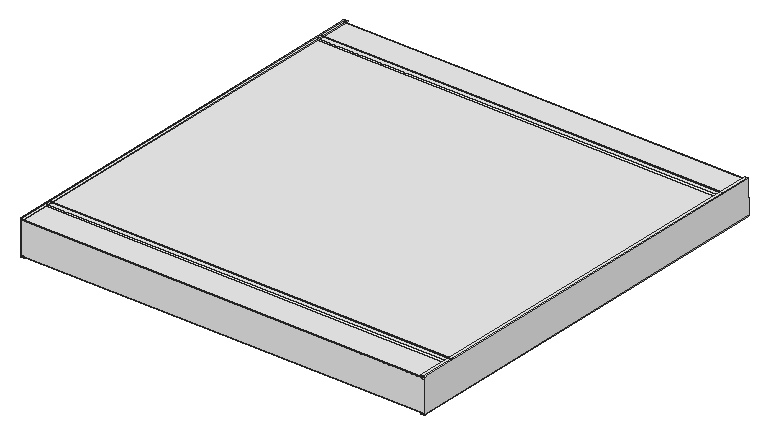
Revit family "STRT4X4-C129", category Lighting Fixtures, host Ceiling, Revit 2023
Family settings
  Host = Ceiling
  Round Connector Dimension = Use Diameter
  Part Type = Normal
  OmniClass Number = 23.80.70.11.14.17
  OmniClass Title = Direct/Indirect
  Always vertical = Yes
  Cut with Voids When Loaded = No
  Light Source = Yes
  Maintain Annotation Orientation = No
  Shared = No
  Room Calculation Point = No
Parameters (values of type "STRT4X4-LED840K160LUNV-C129")
  Width = 3' - 11 3/4"
  Wattage = 122.553 W
  built-in parameter 1150110 = 1 (stored number, unit not read)
  Voltage = 120 V  # constant formula
  URL = "https://viscor.com/products/stratis4x4"
  built-in parameter 1114217 = 0.9 (stored number, unit not read)
  Tilt Angle = 90.00°
  built-in parameter 1150109 = 1 (stored number, unit not read)
  built-in parameter 1150134 = 12
  built-in parameter 1150113 = 1 (stored number, unit not read)
  Photometric Web File = "STRT4X4-LED840K160LUNV-C129.ies"
  Model = "STRT4X4-C129"  # constant formula
  Manufacturer = "VISIONEERING by VISCOR"  # constant formula
  Lumens = 16079 lm
  built-in parameter 1150115 = 1 (stored number, unit not read)
  built-in parameter 1150105 = 1279.5 (stored number, unit not read)
  built-in parameter 1150137 = (empty or 0)
  built-in parameter 1150139 = (empty or 0)
  Lens Finish = Polycarbonate - Viscor - Frosted Round
  Length = 3' - 11 3/4"
  Lamp Wattage = 122.6 VA
  built-in parameter 1150112 = 1 (stored number, unit not read)
  built-in parameter 1150114 = 1 (stored number, unit not read)
  Lamp = "LED"  # constant formula
  built-in parameter 1150132 = (empty or 0)
  built-in parameter 1150102 = (empty or 0)
  built-in parameter 1150138 = (empty or 0)
  built-in parameter 1150107 = 4000 (stored number, unit not read)
  built-in parameter 1150106 = 12.795 (stored number, unit not read)
  Housing Finish = Metal - Viscor - White
  Height = 0' - 4"
  Emit from Rectangle Width = Width  # 3' - 11 3/4"
  Emit from Rectangle Length = Length  # 3' - 11 3/4"
  Emit Shape Visible in Rendering = no
  built-in parameter 1150104 = 12.189 (stored number, unit not read)
  Dimming Lamp Color Temperature Shift = <None>
  Description = "LED Fully Illuminated Backlit Premium Luminaire"  # constant formula
  Default Elevation = 0' - 0"
  Color Filter = 16777215
  built-in parameter 1114218 = 1 (stored number, unit not read)
  built-in parameter 1150133 = 10 (stored number, unit not read)
  Assembly Code = "D5020200"
  Apparent Load = Lamp Wattage  # 122.6 VA
Types (6): name | Wattage | URL | Photometric Web File | Lumens | built-in parameter 1150105 | Lamp Wattage | built-in parameter 1150106 | built-in parameter 1150104 | Apparent Load
  (no name) | 122.553 W | "https://viscor.com/products/stratis4x4" | "STRT4X4-LED840K160LUNV-C129.ies" | 16079 lm | 1279.5 (stored number, unit not read) | 122.6 VA | 12.795 (stored number, unit not read) | 12.189 (stored number, unit not read) | 122.6 VA
  STRT4X4-LED840K080LUNV-C129 | 59.2347 W | "https://viscor.com/products/str" | "STRT4X4-LED840K080LUNV-C129.ies" | 8050 lm | 640.6 (stored number, unit not read) | 59.2 VA | 6.406 (stored number, unit not read) | 12.626 (stored number, unit not read) | 59.2 VA
  STRT4X4-LED840K100LUNV-C129 | 74.484 W | "https://viscor.com/products/str" | "STRT4X4-LED840K100LUNV-C129.ies" | 10033 lm | 798.4 (stored number, unit not read) | 74.5 VA | 7.984 (stored number, unit not read) | 12.514 (stored number, unit not read) | 74.5 VA
  STRT4X4-LED840K120LUNV-C129 | 89.9 W | "https://viscor.com/products/str" | "STRT4X4-LED840K120LUNV-C129.ies" | 12001.7 lm | 955.06 (stored number, unit not read) | 89.9 VA | 9.5506 (stored number, unit not read) | 12.403 (stored number, unit not read) | 89.9 VA
  STRT4X4-LED840K140LUNV-C129 | 106.4 W | "https://viscor.com/products/str" | "STRT4X4-LED840K140LUNV-C129.ies" | 14076.7 lm | 1120.2 (stored number, unit not read) | 106.4 VA | 11.202 (stored number, unit not read) | 12.291 (stored number, unit not read) | 106.4 VA
  STRT4X4-LED840K160LUNV-C129 | 122.553 W | "https://viscor.com/products/stratis4x4" | "STRT4X4-LED840K160LUNV-C129.ies" | 16079 lm | 1279.5 (stored number, unit not read) | 122.6 VA | 12.795 (stored number, unit not read) | 12.189 (stored number, unit not read) | 122.6 VA
Reference planes (in)
  plane 1 "Light Source Axis (F/B)": y = 0
  plane 2 "Ceiling": z = 96
  plane 3 "Light Source Axis (L/R)": x = 0
  plane 4 "Light Source Elevation": z = 92
  plane 5: y = 23.875
  plane 6: y = -23.875
  plane 7: x = -23.875
  plane 8: x = 23.875
  plane 9: y = 23.438
  plane 10: y = -23.438
  plane 11: x = -23.84375
  plane 12: x = 23.84375
  plane 13: x = -23.438
  plane 14: x = 23.43775
  plane 15 "DoorFrameBottom": z = 92
  plane 16: x = -22
  plane 17: y = 22
  plane 18: x = 22
  plane 19: y = -22
Forms (in)
  Extrusion 1, solid, material "Metal - Viscor - White" <- "Housing Finish"
    sketch origin (0, 0, 0) x (0, 1, 0) y (0, 0, 1)
      loop
        arc (23.806, 92) -> (23.85479, 92.02021) -> (23.875, 92.069) r 0.069
        line (23.875, 92.069) -> (23.875, 95.806)
        arc (23.875, 95.806) -> (23.85479, 95.85479) -> (23.806, 95.875) r 0.069
        line (23.806, 95.875) -> (20.44993, 95.875) -> (20.34426, 95.98067)
        arc (20.34426, 95.98067) -> (20.32285, 95.99498) -> (20.29759, 96) r 0.066
        line (20.29759, 96) -> (19.70241, 96)
        arc (19.70241, 96) -> (19.67715, 95.99498) -> (19.65574, 95.98067) r 0.066
        line (19.65574, 95.98067) -> (19.55007, 95.875) -> (-19.55007, 95.875) -> (-19.65574, 95.98067)
        arc (-19.65574, 95.98067) -> (-19.67715, 95.99498) -> (-19.70241, 96) r 0.066
        line (-19.70241, 96) -> (-20.29759, 96)
        arc (-20.29759, 96) -> (-20.32285, 95.99498) -> (-20.34426, 95.98067) r 0.066
        line (-20.34426, 95.98067) -> (-20.44993, 95.875) -> (-23.806, 95.875)
        arc (-23.806, 95.875) -> (-23.85479, 95.85479) -> (-23.875, 95.806) r 0.069
        line (-23.875, 95.806) -> (-23.875, 92.069)
        arc (-23.875, 92.069) -> (-23.85479, 92.02021) -> (-23.806, 92) r 0.069
        line (-23.806, 92) -> (-23.506, 92)
        arc (-23.506, 92) -> (-23.45721, 92.02021) -> (-23.437, 92.069) r 0.069
        line (-23.437, 92.069) -> (-23.437, 92.741)
        arc (-23.437, 92.741) -> (-23.42558, 92.76858) -> (-23.398, 92.78) r 0.039
        line (-23.398, 92.78) -> (-22.851, 92.78) -> (-22.851, 92.81125) -> (-23.398, 92.81125)
        arc (-23.398, 92.81125) -> (-23.44767, 92.79067) -> (-23.46825, 92.741) r 0.07025
        line (-23.46825, 92.741) -> (-23.46825, 92.069)
        arc (-23.46825, 92.069) -> (-23.47931, 92.04231) -> (-23.506, 92.03125) r 0.03775
        line (-23.506, 92.03125) -> (-23.806, 92.03125)
        arc (-23.806, 92.03125) -> (-23.83269, 92.04231) -> (-23.84375, 92.069) r 0.03775
        line (-23.84375, 92.069) -> (-23.84375, 95.806)
        arc (-23.84375, 95.806) -> (-23.83269, 95.83269) -> (-23.806, 95.84375) r 0.03775
        line (-23.806, 95.84375) -> (-20.43698, 95.84375) -> (-20.31198, 95.96875) -> (-19.68802, 95.96875) -> (-19.56302, 95.84375) -> (19.56302, 95.84375) -> (19.68802, 95.96875) -> (20.31198, 95.96875) -> (20.43698, 95.84375) -> (23.806, 95.84375)
        arc (23.806, 95.84375) -> (23.83269, 95.83269) -> (23.84375, 95.806) r 0.03775
        line (23.84375, 95.806) -> (23.84375, 92.069)
        arc (23.84375, 92.069) -> (23.83269, 92.04231) -> (23.806, 92.03125) r 0.03775
        line (23.806, 92.03125) -> (23.506, 92.03125)
        arc (23.506, 92.03125) -> (23.47931, 92.04231) -> (23.46825, 92.069) r 0.03775
        line (23.46825, 92.069) -> (23.46825, 92.741)
        arc (23.46825, 92.741) -> (23.44767, 92.79067) -> (23.398, 92.81125) r 0.07025
        line (23.398, 92.81125) -> (22.85101, 92.81125) -> (22.85101, 92.78) -> (23.398, 92.78)
        arc (23.398, 92.78) -> (23.42558, 92.76858) -> (23.437, 92.741) r 0.039
        line (23.437, 92.741) -> (23.437, 92.069)
        arc (23.437, 92.069) -> (23.45721, 92.02021) -> (23.506, 92) r 0.069
        line (23.506, 92) -> (23.806, 92)
    from -23.84375 to 23.84375
  Extrusion 2, solid, material "Metal - Viscor - White" <- "Housing Finish"
    sketch origin (0, 0, 0) x (1, 0, 0) y (0, 0, 1)
      loop
        arc (-23.84375, 95.96875) -> (-23.8346, 95.99085) -> (-23.8125, 96) r 0.03125
        line (-23.8125, 96) -> (-23.438, 96) -> (-23.438, 96.03125) -> (-23.8125, 96.03125)
        arc (-23.8125, 96.03125) -> (-23.85669, 96.01294) -> (-23.875, 95.96875) r 0.0625
        line (-23.875, 95.96875) -> (-23.875, 92.03125)
        arc (-23.875, 92.03125) -> (-23.85669, 91.98706) -> (-23.8125, 91.96875) r 0.0625
        line (-23.8125, 91.96875) -> (-23.438, 91.96875) -> (-23.438, 92) -> (-23.8125, 92)
        arc (-23.8125, 92) -> (-23.8346, 92.00915) -> (-23.84375, 92.03125) r 0.03125
        line (-23.84375, 92.03125) -> (-23.84375, 95.96875)
    from -23.875 to 23.875
  Extrusion 3, solid, material "Metal - Viscor - White" <- "Housing Finish"
    sketch origin (0, 0, 0) x (-1, 0, 0) y (0, 0, -1)
      loop
        line (-23.84375, -95.96875) -> (-23.84375, -92.03125)
        arc (-23.84375, -92.03125) -> (-23.8346, -92.00915) -> (-23.8125, -92) r 0.03125
        line (-23.8125, -92) -> (-23.438, -92) -> (-23.438, -91.96875) -> (-23.8125, -91.96875)
        arc (-23.8125, -91.96875) -> (-23.85669, -91.98706) -> (-23.875, -92.03125) r 0.0625
        line (-23.875, -92.03125) -> (-23.875, -95.96875)
        arc (-23.875, -95.96875) -> (-23.85669, -96.01294) -> (-23.8125, -96.03125) r 0.0625
        line (-23.8125, -96.03125) -> (-23.438, -96.03125) -> (-23.438, -96) -> (-23.8125, -96)
        arc (-23.8125, -96) -> (-23.8346, -95.99085) -> (-23.84375, -95.96875) r 0.03125
    from -23.875 to 23.875
  Extrusion 4, solid, material "Metal - Viscor - White" <- "Housing Finish"
    sketch origin (0, 0, 92) x (0, 1, 0) y (-1, 0, 0)
      loop
        line (-23.38722, 23.38722) -> (-23.38722, -23.38722) -> (23.38722, -23.38722) -> (23.38722, 23.38722) -> (-23.38722, 23.38722)
      loop
        line (-22, 18) -> (-22, -18)
        arc (-22, -18) -> (-20.82843, -20.82843) -> (-18, -22) r 4
        line (-18, -22) -> (18, -22)
        arc (18, -22) -> (20.82843, -20.82843) -> (22, -18) r 4
        line (22, -18) -> (22, 18)
        arc (22, 18) -> (20.82843, 20.82843) -> (18, 22) r 4
        line (18, 22) -> (-18, 22)
        arc (-18, 22) -> (-20.82843, 20.82843) -> (-22, 18) r 4
    from 0 to 1.70939
  Extrusion 5, solid, material "Polycarbonate - Viscor - Frosted Round" <- "Lens Finish"
    sketch origin (0, 0, 0.78125) x (0, 1, 0) y (0, 0, 1)
      loop
        line (23.25, 92.046) -> (23.25, 92.141) -> (-23.19444, 92.141) -> (-23.19444, 92.046) -> (23.25, 92.046)
    from -23.438 to 23.43775
Dimensions and locks (in)
  equal spacing: host sketch curve, plane 3 "Light Source Axis (L/R)", host sketch curve
  equal spacing: host sketch curve, plane 1 "Light Source Axis (F/B)", host sketch curve
  host sketch curve to host sketch curve = 10' - 0"  (x2)
  equal spacing: plane 7, plane 3 "Light Source Axis (L/R)", plane 8
  equal spacing: plane 5, plane 1 "Light Source Axis (F/B)", plane 6
  plane 9 to plane 5 = 0' - 0.437"
  locked: plane 12 to plane 8 at 0.03125
  locked: plane 13 to plane 7 at 0.437
  locked: plane 14 to plane 12 at 0.406
  "Length": plane 7 to plane 8
  "Width": plane 5 to plane 6
  plane 7 to plane 11 to plane 13 = 0' - 0 1/32", 0' - 0.40575"
  plane 6 to plane 10 to plane 1 "Light Source Axis (F/B)" = 0' - 0.437" locked, 1' - 11.438"
  "Height": plane 2 "Ceiling" to plane 15 "DoorFrameBottom"
  aligned and locked: plane 3 "Light Source Axis (L/R)" to imposter light
  aligned and locked: plane 1 "Light Source Axis (F/B)" to imposter light
  aligned and locked: plane 4 "Light Source Elevation" to imposter light
  aligned and locked: Extrusion 1 to plane 11
  aligned and locked: Extrusion 1 to plane 12
  aligned and locked: Extrusion 2 to plane 6
  aligned and locked: plane 5 to Extrusion 2
  aligned and locked: Extrusion 3 to plane 6
  aligned and locked: plane 5 to Extrusion 3
  aligned and locked: Extrusion 5 to plane 13
  aligned and locked: Extrusion 5 to plane 14
  aligned and locked: plane 16 to Extrusion 4
  aligned and locked: Extrusion 4 to plane 17
  aligned and locked: Extrusion 4 to plane 18
  aligned and locked: plane 19 to Extrusion 4
Automatic sketch dimensions
  Extrusion 1 sketch curve to Extrusion 1 sketch curve = 0' - 0"  (x16)
  Extrusion 1 sketch curve to plane 6 = 0' - 0"
  Extrusion 1 sketch curve to plane 15 "DoorFrameBottom" = 0' - 0"  (x2)
  Extrusion 1 sketch curve to plane 2 "Ceiling" = 0' - 0"  (x2)
  Extrusion 1 sketch curve to plane 5 = 0' - 0"
  Extrusion 1 sketch curve to Extrusion 1 sketch curve = 0' - 0 1/32"
  plane 6 to Extrusion 1 sketch curve = 0' - 0.069"
  Extrusion 1 sketch curve to Extrusion 1 sketch curve = 0' - 0.03775"  (x3)
  Extrusion 1 sketch curve to plane 10 = 0' - 0.068"
  Extrusion 1 sketch curve to plane 10 = 0' - 0.03025"
  Extrusion 1 sketch curve to Extrusion 1 sketch curve = 0' - 0.039"
  Extrusion 1 sketch curve to Extrusion 1 sketch curve = 0' - 0.54699"
  Extrusion 1 sketch curve to plane 2 "Ceiling" = 0' - 0 1/8"  (x3)
  plane 10 to Extrusion 1 sketch curve = 0' - 2.98807"
  Extrusion 1 sketch curve to Extrusion 1 sketch curve = 0' - 0.01294"  (x4)
  Extrusion 1 sketch curve to plane 2 "Ceiling" = 0' - 0.01933"  (x4)
  Extrusion 1 sketch curve to Extrusion 1 sketch curve = 0' - 0.10567"  (x2)
  Extrusion 1 sketch curve to plane 2 "Ceiling" = 0' - 0 1/32"  (x2)
  Extrusion 1 sketch curve to Extrusion 1 sketch curve = 0' - 0.03228"  (x2)
  Extrusion 1 sketch curve to Extrusion 1 sketch curve = 0' - 0.01439"  (x4)
  Extrusion 1 sketch curve to plane 2 "Ceiling" = 0' - 0.066"  (x2)
  Extrusion 1 sketch curve to Extrusion 1 sketch curve = 0' - 0.59518"  (x2)
  Extrusion 1 sketch curve to plane 2 "Ceiling" = 0' - 0 5/32"  (x2)
  Extrusion 1 sketch curve to Extrusion 1 sketch curve = 0' - 0.09272"  (x2)
  Extrusion 1 sketch curve to plane 9 = 0' - 3.88793"
  Extrusion 1 sketch curve to plane 9 = 0' - 0.58699"
  Extrusion 1 sketch curve to plane 9 = 0' - 0.04"
  Extrusion 1 sketch curve to plane 9 = 0' - 0.001"
  Extrusion 1 sketch curve to plane 5 = 0' - 0.069"
  Extrusion 1 sketch curve to Extrusion 1 sketch curve = 0' - 0.672"  (x2)
  Extrusion 2 sketch curve to Extrusion 2 sketch curve = 0' - 0"  (x4)
  Extrusion 2 sketch curve to plane 7 = 0' - 0"
  Extrusion 2 sketch curve to plane 11 = 0' - 0"
  Extrusion 2 sketch curve to plane 15 "DoorFrameBottom" = 0' - 0"
  Extrusion 2 sketch curve to plane 2 "Ceiling" = 0' - 0"
  Extrusion 2 sketch curve to plane 13 = 0' - 0"  (x2)
  plane 11 to Extrusion 2 sketch curve = 0' - 0 1/32"  (x2)
  Extrusion 3 sketch curve to Extrusion 3 sketch curve = 0' - 0"  (x4)
  Extrusion 3 sketch curve to plane 8 = 0' - 0"
  Extrusion 3 sketch curve to plane 12 = 0' - 0"
  Extrusion 3 sketch curve to plane 15 "DoorFrameBottom" = 0' - 0"
  Extrusion 3 sketch curve to plane 2 "Ceiling" = 0' - 0"
  Extrusion 3 sketch curve to Extrusion 3 sketch curve = 0' - 0 1/32"
  plane 12 to Extrusion 3 sketch curve = 0' - 0 1/32"
  Extrusion 3 sketch curve to plane 14 = 0' - 0.00025"  (x2)
  plane 15 "DoorFrameBottom" to Extrusion 5 sketch curve = 0' - 0.82725"
  plane 10 to Extrusion 5 sketch curve = 0' - 0.24356"
  Extrusion 5 sketch curve to plane 9 = 0' - 0.188"
  Extrusion 5 sketch curve to Extrusion 5 sketch curve = 0' - 0.095"
  Extrusion 4 sketch curve to plane 19 = 0' - 0"
  Extrusion 4 sketch curve to plane 16 = 0' - 0"
  Extrusion 4 sketch curve to plane 18 = 0' - 0"
  Extrusion 4 sketch curve to plane 17 = 0' - 0"
  plane 10 to Extrusion 4 sketch curve = 0' - 0 13/256"
  Extrusion 4 sketch curve to Extrusion 4 sketch curve = 0' - 4"  (x3)
  Extrusion 4 sketch curve to plane 17 = 0' - 4"
  Extrusion 4 sketch curve to plane 9 = 0' - 0 13/256"
  Extrusion 4 sketch curve to plane 14 = 0' - 0.05053"
  plane 13 to Extrusion 4 sketch curve = 0' - 0 13/256"
Connectors (in)
  electrical at (0, 0, 92), driven by "Voltage", driven by "Lamp Wattage"
    settings: index 2, voltage 120 V, apparent load 0 VA, apparent load phase1 122.6 VA, apparent load phase2 0 VA, apparent load phase3 0 VA, power factor 1, load classification "Other", number of poles 1, system type 31, power factor state 1, is connector primary yes, connector utility no, sub classification motor no, connector description ""
